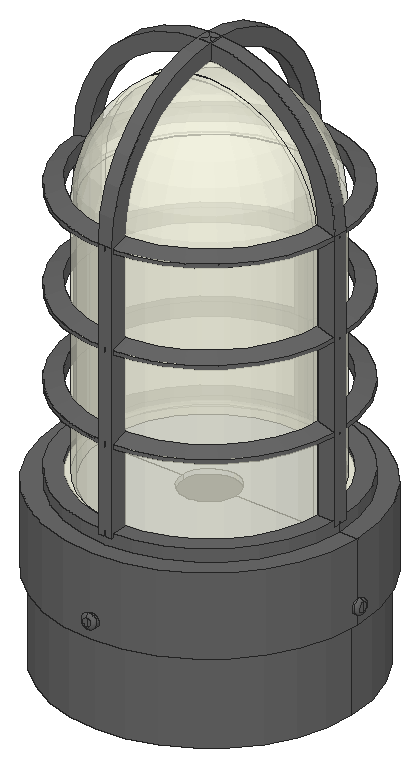
Revit family "PR14", category Generic Models, Revit 2024
Family settings
  Can host rebar = No
  Round Connector Dimension = Use Diameter
  Part Type = Normal
  Work Plane-Based = No
  Always vertical = Yes
  Cut with Voids When Loaded = No
  Maintain Annotation Orientation = No
  Shared = No
  Room Calculation Point = No
Parameters
  Default Elevation = 0' - 0"
Reference planes (in)
  plane 1 "Center (Front/Back)": y = 0
  plane 2: z = 0
  plane 3 "Center (Left/Right)": x = 0
Forms (in)
  Revolve 1, solid
    sketch origin (0, 0, 0) x (1, 0, 0) y (0, 0, 1)
      loop
        line (-3, 3.28125) -> (-3, 0) -> (-0.25, 0) -> (-0.25, 0.09375) -> (-2.90625, 0.09375) -> (-2.90625, 3.1875) -> (-0.568, 3.1875) -> (-0.568, 3.28125) -> (-3, 3.28125)
      axis (0, 3.28125) -> (0, 0)
    angle from 0 to 360
  Revolve 2, solid
    sketch origin (0, 0, 0) x (1, 0, 0) y (0, 0, 1)
      loop
        line (-3.125, 1.74999) -> (-3.03125, 1.74999) -> (-3.03125, 3.28125) -> (-2.65625, 3.28125) -> (-2.65625, 3.53125) -> (-2.41108, 3.53125) -> (-2.41108, 3.625) -> (-2.75, 3.625) -> (-2.75, 3.375) -> (-3.125, 3.375) -> (-3.125, 1.74999)
      axis (0, 3.625) -> (0, 1.74999)
    angle from 0 to 360
  Revolve 3, solid
    sketch origin (0, 0, -0.11551) x (1, 0, 0) y (0, 0, 1)
      loop
        line (-3.22718, 2.22976) -> (-2.90568, 2.22976) -> (-2.90568, 2.37976) -> (-3.16759, 2.37976)
        arc (-3.16759, 2.37976) -> (-3.20973, 2.36231) -> (-3.22718, 2.32017) r 0.0596
        line (-3.22718, 2.32017) -> (-3.22718, 2.22976)
      axis (-2.90568, 2.22976) -> (-3.22718, 2.22976)
    angle from 0 to 360
  Revolve 4, solid
    sketch origin (0, 0, -0.11551) x (0, -1, 0) y (0, 0, 1)
      loop
        line (-3.22718, 2.22976) -> (-2.90568, 2.22976) -> (-2.90568, 2.37976) -> (-3.16759, 2.37976)
        arc (-3.16759, 2.37976) -> (-3.20973, 2.36231) -> (-3.22718, 2.32017) r 0.0596
        line (-3.22718, 2.32017) -> (-3.22718, 2.22976)
      axis (-2.90568, 2.22976) -> (-3.22718, 2.22976)
    angle from 0 to 360
  Revolve 5, solid
    sketch origin (0, 0, -0.11551) x (0, 1, 0) y (0, 0, 1)
      loop
        line (-3.22718, 2.22976) -> (-2.90568, 2.22976) -> (-2.90568, 2.37976) -> (-3.16759, 2.37976)
        arc (-3.16759, 2.37976) -> (-3.20973, 2.36231) -> (-3.22718, 2.32017) r 0.0596
        line (-3.22718, 2.32017) -> (-3.22718, 2.22976)
      axis (-2.90568, 2.22976) -> (-3.22718, 2.22976)
    angle from 0 to 360
  Revolve 6, solid
    sketch origin (0, 0, -0.11551) x (-1, 0, 0) y (0, 0, 1)
      loop
        line (-3.22718, 2.22976) -> (-2.90568, 2.22976) -> (-2.90568, 2.37976) -> (-3.16759, 2.37976)
        arc (-3.16759, 2.37976) -> (-3.20973, 2.36231) -> (-3.22718, 2.32017) r 0.0596
        line (-3.22718, 2.32017) -> (-3.22718, 2.22976)
      axis (-2.90568, 2.22976) -> (-3.22718, 2.22976)
    angle from 0 to 360
  Extrusion 7, solid, material "61"
    sketch origin (0, 0, 1.49971) x (1, 0, 0) y (0, 0, 1)
      loop
        line (-2.75, 2.03154) -> (-2.412, 2.03154) -> (-2.412, 7.5084)
        arc (-2.412, 7.5084) -> (-1.76179, 9.14738) -> (-0.17007, 9.906) r 2.41201
        arc (-0.17007, 9.906) -> (1.64124, 9.26751) -> (2.412, 7.5084) r 2.41201
        line (2.412, 7.5084) -> (2.412, 2.03154) -> (2.75, 2.03154) -> (2.75, 7.491)
        arc (2.75, 7.491) -> (0, 10.25) -> (-2.75, 7.491) r 2.75001
        line (-2.75, 7.491) -> (-2.75, 2.03154)
    from -0.142 to 0.142
  Extrusion 8, solid, material "61"
    sketch origin (0, 0, 1.49971) x (0, 1, 0) y (0, 0, 1)
      loop
        line (-2.75, 2.03154) -> (-2.412, 2.03154) -> (-2.412, 7.5084)
        arc (-2.412, 7.5084) -> (-1.76179, 9.14738) -> (-0.17007, 9.906) r 2.41201
        arc (-0.17007, 9.906) -> (1.64124, 9.26751) -> (2.412, 7.5084) r 2.41201
        line (2.412, 7.5084) -> (2.412, 2.03154) -> (2.75, 2.03154) -> (2.75, 7.491)
        arc (2.75, 7.491) -> (0, 10.25) -> (-2.75, 7.491) r 2.75001
        line (-2.75, 7.491) -> (-2.75, 2.03154)
    from -0.142 to 0.142
  Revolve 9, solid, material "VAPOR GLASS"
    sketch origin (0, 0, 0) x (1, 0, 0) y (0, 0, 1)
      loop
        line (-2.287, 8.66573) -> (-2.287, 3.50704) -> (-2.61952, 3.50704) -> (-2.61952, 3.375) -> (-2.19325, 3.375) -> (-2.19325, 8.66556)
        arc (-2.19325, 8.66556) -> (-1.54803, 10.21124) -> (0, 10.8508) r 2.19326
        line (0, 10.8508) -> (0, 10.94455)
        arc (0, 10.94455) -> (-1.61426, 10.27759) -> (-2.287, 8.66573) r 2.28701
      axis (0, 10.94455) -> (0, 3.375)
    angle from 0 to 360
  Revolve 10, solid, material "61"
    sketch origin (0, 0, 0) x (1, 0, 0) y (0, 0, 1)
      loop
        line (-2.412, 5.1205) -> (-2.412, 5.4045) -> (-2.75, 5.3025) -> (-2.75, 5.2225) -> (-2.412, 5.1205)
      loop
        line (-2.412, 6.9) -> (-2.412, 7.184) -> (-2.75, 7.082) -> (-2.75, 7.002) -> (-2.412, 6.9)
      loop
        line (-2.412, 8.809) -> (-2.412, 9.093) -> (-2.75, 8.991) -> (-2.75, 8.911) -> (-2.412, 8.809)
      axis (0, 9.093) -> (0, 5.1205)
    angle from 0 to 360
Dimensions and locks (in)
  aligned and locked: plane 2 to level
